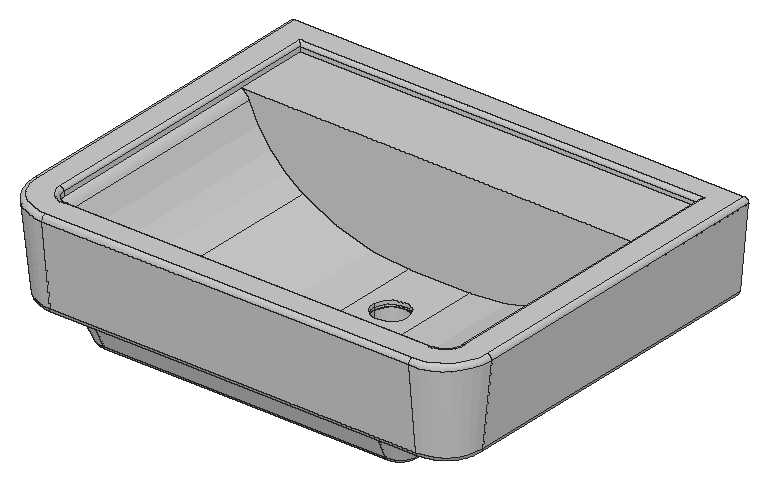
Revit family "NLRS_74_PF_UN_wastafel_S8310305000_SPHINX_BCB", category Plumbing Fixtures, Revit 2016
Family settings
  Part Type = Normal
  Round Connector Dimension = Use Radius
  OmniClass Number = 23.45.00.00
  OmniClass Title = Sanitary, Laundry, and Cleaning Equipment
  Work Plane-Based = No
  Always vertical = Yes
  Cut with Voids When Loaded = No
  Shared = No
  Room Calculation Point = No
Parameters
  NLRS_C_type = "Wastafel zonder kraangat en met overloop"
  NLRS_C_serie = "320"
  NLRS_C_revit_versie = "2016"
  NLRS_C_content_versie = "2.0"
  NLRS_C_content_provider = "BouwConnect"
  NLRS_C_content_datum_uitgifte = "APR-2018"
  NLRS_C_content_datum_gewijzigd = "APR-2018"
  NLRS_C_content_creator = "BouwConnect"
  NLRS_C_URL_product_data = "http://www.sphinx.nl/producten/wastafels-%7C-fonteinen/wastafels/sphinx-320-%7C-wastafel-60-cm/28685/"
  afvoer_radius = 22.5 mm
  WFU = 0
  URL = "http://www.sphinx.nl/"
  Type Comments = ""
  NLRS_S_gewicht = 19.00 kg
  NLRS_C_materiaal = none
  NLRS_C_lengte = 480 mm
  NLRS_C_hoogte = 195 mm
  NLRS_C_diameter_uit = 45 mm
  NLRS_C_diameter_in = 35 mm
  NLRS_C_breedte = 600 mm
  Model = ""
  Manufacturer = "Sphinx"
  Keynote = ""
  IfcTypeProduct = "IfcSanitaryTerminalType"
  IfcExportType = "SINK"
  IfcExportAs = "IfcSanitaryTerminalTypeEnum"
  IfcElement = "IfcFlowTerminal"
  NLRS_C_code_EAN = "8711754407701"
  Description = "wastafel"
  NLRS_C_URL_BCB = "http://bcb-online.nl/?zoekterm=Sphinx+++%5bGeberit+B.V.%5d"
  Assembly Code = "47.11"
Reference planes
  plane 1 "Center (Front/Back)": y = 0
  plane 2: z = 0
  plane 3 "Center (Left/Right)": x = 0
Forms (mm)
  Sweep 1, solid, material "bcb_porselein", detail levels medium+fine
    path origin (0, 0, 0) x (1, 0, 0) y (0, 1, 0)
      loop
        line (-299.965, 0) -> (-299.965, -420)
        arc (-299.965, -420) -> (-282.392, -462.426) -> (-239.965, -480) r 60
        line (-239.965, -480) -> (240.035, -480)
        arc (240.035, -480) -> (282.461, -462.426) -> (300.035, -420) r 60
        line (300.035, -420) -> (300.035, 0)
    profile origin (-299.965, -210, 0) x (1, 0, 0) y (0, 0, 1)
      loop
        arc (6.022, 0) -> (1.76, -1.777) -> (0.023, -6.056) r 6
        arc (0.023, -6.056) -> (3.224, -60.155) -> (11.789, -113.667) r 544.353
        arc (11.789, -113.667) -> (14.579, -118.226) -> (19.616, -120.011) r 8
        line (19.616, -120.011) -> (40.016, -120.011) -> (40.016, -10) -> (30.016, -10) -> (30.016, 0) -> (6.022, 0)
  Extrusion 2, solid, material "bcb_porselein", detail levels medium+fine
    sketch origin (0, 0, 0) x (1, 0, 0) y (0, 1, 0)
      loop
        line (-259.949, -130) -> (260.019, -130) -> (260.019, 0) -> (-259.949, 0) -> (-259.949, -130)
    from -120.011 to -10
  Extrusion 3, void
    sketch origin (0, -50, 0) x (1, 0, 0) y (0, 1, 0)
      loop
        circle (0, -160) r 22.5
    from -210.292 to -76.605
  Revolve 4, solid, material "bcb_porselein", detail levels medium+fine
    sketch origin (0, -210, -24.836) x (1, 0, 0) y (0, 0, 1)
      loop
        line (-18.358, -165.164) -> (-18.358, -128.644) -> (-78.313, -128.644) -> (-43.03, -132.245)
        arc (-43.03, -132.245) -> (-37.594, -135.135) -> (-35.288, -140.843) r 9
        line (-35.288, -140.843) -> (-34.507, -163.215)
        arc (-34.507, -163.215) -> (-33.891, -164.597) -> (-32.488, -165.164) r 2.02
        line (-32.488, -165.164) -> (-18.358, -165.164)
      axis (0, -128.644) -> (0, -165.164)
    angle from 0 to 360
  Extrusion 5, solid, material "bcb_porselein", detail levels medium+fine
    sketch origin (1000, 0, 0) x (1, 0, 0) y (0, 0, 1)
      loop
        arc (-1039.66, -145.359) -> (-1112.195, -135.252) -> (-1179.205, -105.702) r 265.344
        arc (-1179.205, -105.702) -> (-1221.149, -69.174) -> (-1249.215, -21.154) r 171.682
        arc (-1249.215, -21.154) -> (-1253.451, -14.489) -> (-1259.949, -10) r 19.874
        line (-1259.949, -10) -> (-1262.114, -15.056)
        arc (-1262.114, -15.056) -> (-1257.414, -18.303) -> (-1254.35, -23.123) r 14.374
        arc (-1254.35, -23.123) -> (-1225.385, -72.682) -> (-1182.097, -110.38) r 177.182
        arc (-1182.097, -110.38) -> (-1113.698, -140.543) -> (-1039.66, -150.859) r 270.844
        line (-1039.66, -150.859) -> (-960.34, -150.859)
        arc (-960.34, -150.859) -> (-886.302, -140.543) -> (-817.903, -110.38) r 270.844
        arc (-817.903, -110.38) -> (-774.615, -72.682) -> (-745.65, -23.123) r 177.182
        arc (-745.65, -23.123) -> (-742.586, -18.303) -> (-737.886, -15.056) r 14.374
        line (-737.886, -15.056) -> (-740.051, -10)
        arc (-740.051, -10) -> (-746.549, -14.489) -> (-750.785, -21.154) r 19.874
        arc (-750.785, -21.154) -> (-778.851, -69.174) -> (-820.795, -105.702) r 171.682
        arc (-820.795, -105.702) -> (-887.805, -135.252) -> (-960.34, -145.359) r 265.344
        line (-960.34, -145.359) -> (-1039.66, -145.359)
    from 130 to 439.984
  Sweep 6, solid, material "bcb_porselein", detail levels medium+fine
    path origin (0, 0, 0) x (1, 0, 0) y (0, 1, 0)
      loop
        arc (-269.949, -420) -> (-261.167, -441.202) -> (-239.965, -449.984) r 29.984
        line (-239.965, -449.984) -> (240.035, -449.984)
        arc (240.035, -449.984) -> (261.236, -441.202) -> (270.019, -420) r 29.984
        line (270.019, -420) -> (270.019, -23) -> (-269.949, -23) -> (-269.949, -420)
    profile origin (-269.949, -221.5, 0) x (-1, 0, 0) y (0, 0, 1)
      loop
        line (0, 0) -> (-5, 0)
        arc (-5, 0) -> (-8.536, -1.464) -> (-10, -5) r 5
        line (-10, -5) -> (-10, -10) -> (0, -10) -> (0, 0)
  Extrusion 7, solid, material "bcb_porselein", detail levels medium+fine
    sketch origin (-1000, 0, 0) x (1, 0, 0) y (0, 1, 0)
      loop
        line (1270.019, -23) -> (1270.019, 0) -> (730.051, 0) -> (730.051, -23) -> (1270.019, -23)
    from -10 to 0
  Extrusion 8, solid, material "bcb_porselein", detail levels medium+fine
    sketch origin (-2000, 0, 0) x (1, 0, 0) y (0, 0, 1)
      loop
        arc (1774.847, -158.842) -> (1777.583, -163.581) -> (1782.725, -165.453) r 8
        line (1782.725, -165.453) -> (1808.288, -165.453)
        arc (1808.288, -165.453) -> (1812.533, -165.156) -> (1816.696, -164.271) r 30.505
        line (1816.696, -164.271) -> (1823.33, -162.369)
        arc (1823.33, -162.369) -> (1830.08, -160.934) -> (1836.964, -160.453) r 49.462
        line (1836.964, -160.453) -> (1864.284, -160.453)
        arc (1864.284, -160.453) -> (2000.035, -153.636) -> (2135.785, -160.453) r 1355
        line (2135.785, -160.453) -> (2163.106, -160.453)
        arc (2163.106, -160.453) -> (2169.99, -160.934) -> (2176.739, -162.369) r 49.462
        line (2176.739, -162.369) -> (2183.373, -164.271)
        arc (2183.373, -164.271) -> (2187.536, -165.156) -> (2191.782, -165.453) r 30.505
        line (2191.782, -165.453) -> (2217.344, -165.453)
        arc (2217.344, -165.453) -> (2222.486, -163.581) -> (2225.222, -158.842) r 8
        line (2225.222, -158.842) -> (2232.069, -120.011) -> (1768, -120.011) -> (1774.847, -158.842)
    from 0 to 20
  Sweep 9, solid, material "bcb_porselein", detail levels medium+fine
    path origin (0, 1.016, 0) x (1, 0, 0) y (0, 1, 0)
      loop
        line (219.519, -21.016) -> (219.519, -426)
        arc (219.519, -426) -> (209.267, -450.749) -> (184.519, -461) r 35
        line (184.519, -461) -> (-184.449, -461)
        arc (-184.449, -461) -> (-209.198, -450.749) -> (-219.449, -426) r 35
        line (-219.449, -426) -> (-219.449, -21.016)
    profile origin (-219.449, -222.492, 0) x (-1, 0, 0) y (0, 0, 1)
      loop
        line (1.537, -120.011) -> (-20, -120.011) -> (-20, -152.346) -> (-18.637, -152.346)
        arc (-18.637, -152.346) -> (-14.339, -151.093) -> (-11.387, -147.727) r 8
        line (-11.387, -147.727) -> (1.537, -120.011)
  Extrusion 10, solid, material "bcb_porselein", detail levels medium+fine
    sketch origin (5, 0, 0) x (1, 0, 0) y (0, 1, 0)
      loop
        arc (179.519, -439.984) -> (190.125, -435.59) -> (194.519, -424.984) r 15
        line (194.519, -424.984) -> (194.519, -20) -> (-204.449, -20) -> (-204.449, -424.984)
        arc (-204.449, -424.984) -> (-200.056, -435.59) -> (-189.449, -439.984) r 15
        line (-189.449, -439.984) -> (179.519, -439.984)
    from -152.346 to -150
  Extrusion 11, solid, material "bcb_porselein", detail levels medium+fine
    sketch origin (0, 0, 0) x (1, 0, 0) y (0, 1, 0)
      loop
        arc (-259.949, -419.984) -> (-254.091, -434.126) -> (-239.949, -439.984) r 20
        line (-239.949, -439.984) -> (-164.949, -439.984) -> (-164.949, -97.023) -> (-259.949, -97.023) -> (-259.949, -419.984)
    from -120.011 to -118
  Extrusion 12, solid, material "bcb_porselein", detail levels medium+fine
    sketch origin (0.069, 0, 0) x (-1, 0, 0) y (0, -1, 0)
      loop
        line (-259.949, 419.984) -> (-259.949, 97.023) -> (-164.949, 97.023) -> (-164.949, 439.984) -> (-239.949, 439.984)
        arc (-239.949, 439.984) -> (-254.091, 434.126) -> (-259.949, 419.984) r 20
    from -120.011 to -118
  Extrusion 13, solid, not visible
    sketch origin (-22.5, -50, 0) x (1, 0, 0) y (0, 1, 0)
      loop
        circle (22.5, -160) r 22.5
    from -190 to -188
  Extrusion 14, solid, material "bcb_porselein", detail levels medium+fine
    sketch origin (0, 0, 0) x (1, 0, 0) y (0, 1, 0)
      loop
        line (199.519, -20) -> (-199.449, -20) -> (-199.449, -130) -> (199.519, -130) -> (199.519, -20)
    from -145.359 to -90
  Extrusion 15, solid, material "bcb_porselein", detail levels coarse
    sketch origin (0, 0, 0) x (1, 0, 0) y (0, 1, 0)
      loop
        line (-299.943, 0) -> (-299.943, -420)
        arc (-299.943, -420) -> (-282.369, -462.426) -> (-239.943, -480) r 60
        line (-239.943, -480) -> (240.012, -480)
        arc (240.012, -480) -> (282.438, -462.426) -> (300.012, -420) r 60
        line (300.012, -420) -> (300.012, 0) -> (-299.943, 0)
    from -120.011 to 0
  Extrusion 16, void
    sketch origin (0, 0, 0) x (1, 0, 0) y (0, 1, 0)
      loop
        line (-259.981, -130) -> (-259.981, -420)
        arc (-259.981, -420) -> (-254.124, -434.142) -> (-239.981, -440) r 20
        line (-239.981, -440) -> (240.019, -440)
        arc (240.019, -440) -> (254.161, -434.142) -> (260.019, -420) r 20
        line (260.019, -420) -> (260.019, -130) -> (-259.981, -130)
    from -100 to 10
Cuts and joins
  Extrusion 3 cuts Sweep 1
  Extrusion 3 cuts Extrusion 2
  Extrusion 3 cuts Extrusion 7
  Extrusion 3 cuts Extrusion 8
  Extrusion 3 cuts Extrusion 11
  Extrusion 3 cuts Extrusion 12
  joined: Sweep 1, Extrusion 2, Sweep 6, Extrusion 7, Extrusion 8, Extrusion 11, Extrusion 12, Extrusion 14
  Extrusion 3 cuts Revolve 4
  Extrusion 3 cuts Extrusion 5
  Extrusion 3 cuts Sweep 9
  Extrusion 3 cuts Extrusion 10
  joined: Sweep 9, Extrusion 10
  Extrusion 16 cuts Extrusion 15
Dimensions and locks
  aligned and locked: level to plane 2
Connectors
  piping at (0, -210, -190), diameter 45, driven by "WFU", driven by "afvoer_radius"
    settings: on Extrusion 13, index 1, connector inside diameter 45 mm, connector length 0 mm, flow factor 0, pipe flow 0.0 L/s, pressure drop 0.0 Pa, fitting loss kfactor 0, connector angle 0.00°, fixture units 0, engagement length 0 mm, angle of deflection 0.00°, flow configuration 3, flow direction 2, fitting loss method 0, system type 16, joint type 0, gender type 0, connector reference index -1, connector utility 0, adjustable connector no, is connector primary yes, connector description "out"
